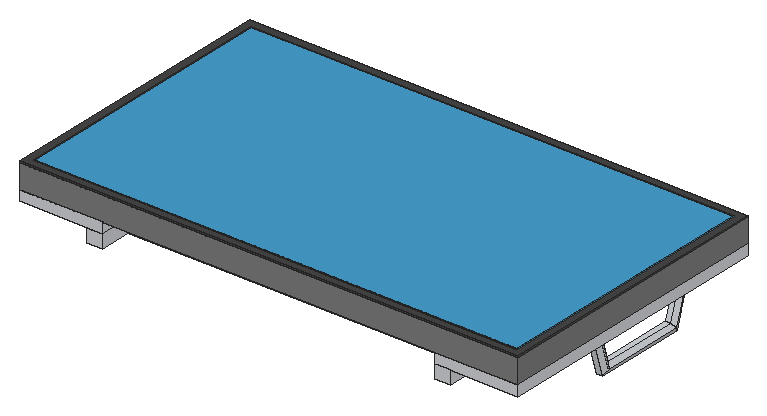
Revit family (continued)
Lines and regions (in)
  model lines
    curve 568: line (-15.845, -6.04189, 1.64806) -> (-15.845, -6.32339, 1.64806)
    curve 569: line (-15.845, -5.93658, 2.06145) -> (-15.845, -5.93658, 1.74649)
    curve 570: line (-15.845, -5.93658, 1.74649) -> (-15.845, -6.04189, 1.74649)
    curve 571: line (-15.845, -6.04189, 1.74649) -> (-15.845, -6.04189, 1.64806)
    curve 572: line (-15.845, -6.32339, 1.64806) -> (-15.845, -6.32339, 1.74649)
    curve 573: line (-15.845, -6.32339, 1.74649) -> (-15.845, -6.4287, 1.74649)
    curve 574: line (-15.845, -6.4287, 1.74649) -> (-15.845, -6.4287, 2.06145)
    curve 575: line (-15.845, -6.50272, 1.58507) -> (-15.845, -5.86256, 1.58507)
    curve 576: line (-15.845, -6.4287, 1.57326) -> (-15.845, -5.93658, 1.57326)
    curve 577: line (-15.845, -6.4287, 1.55357) -> (-15.845, -5.93658, 1.55357)
    curve 578: line (-15.845, -5.86256, 1.58507) -> (-15.845, -5.86256, 2.12444)
    curve 579: line (-15.845, -6.50272, 2.12444) -> (-15.845, -6.50272, 1.58507)
    curve 580: line (-15.845, -6.4287, 1.53389) -> (-15.845, -6.4287, 1.57326)
    curve 581: arc (-15.845, -6.49484, 1.57326) -> (-15.845, -6.50876, 1.57902) -> (-15.845, -6.51453, 1.59294) r 0.01969
    curve 582: arc (-15.845, -6.48776, 1.57326) -> (-15.845, -6.47384, 1.56749) -> (-15.845, -6.46807, 1.55357) r 0.01969
    curve 583: arc (-15.845, -6.44839, 1.53389) -> (-15.845, -6.46231, 1.53965) -> (-15.845, -6.46807, 1.55357) r 0.01969
    curve 584: line (-15.845, -6.51453, 1.59294) -> (-15.845, -6.51453, 1.77011)
    curve 585: line (-15.845, -5.85075, 1.77011) -> (-15.845, -5.85075, 1.59294)
    curve 586: line (-15.845, -5.93658, 1.57326) -> (-15.845, -5.93658, 1.53389)
    curve 587: arc (-15.845, -5.85075, 1.59294) -> (-15.845, -5.85652, 1.57902) -> (-15.845, -5.87044, 1.57326) r 0.01969
    curve 588: arc (-15.845, -5.89721, 1.55357) -> (-15.845, -5.89144, 1.56749) -> (-15.845, -5.87752, 1.57326) r 0.01969
    curve 589: arc (-15.845, -5.89721, 1.55357) -> (-15.845, -5.90297, 1.53965) -> (-15.845, -5.91689, 1.53389) r 0.01969
    curve 590: line (-15.845, -5.85075, 2.06538) -> (-15.845, -5.81138, 2.06538)
    curve 591: line (-15.845, -5.83107, 1.82916) -> (-15.845, -5.83107, 2.06538)
    curve 592: line (-15.845, -5.85075, 1.82916) -> (-15.845, -5.85075, 2.06538)
    curve 593: line (-15.845, -6.51453, 2.06538) -> (-15.845, -6.51453, 1.82916)
    curve 594: line (-15.845, -6.53421, 2.06538) -> (-15.845, -6.53421, 1.82916)
    curve 595: line (-15.845, -6.5539, 2.06538) -> (-15.845, -6.51453, 2.06538)
    curve 596: line (-15.845, -6.51453, 1.82916) -> (-15.845, -6.5539, 1.82916)
    curve 597: arc (-15.845, -6.51453, 2.12444) -> (-15.845, -6.52029, 2.11052) -> (-15.845, -6.53421, 2.10475) r 0.01969
    curve 598: arc (-15.845, -6.5539, 2.08507) -> (-15.845, -6.54813, 2.09899) -> (-15.845, -6.53421, 2.10475) r 0.01969
    curve 599: arc (-15.845, -6.53421, 1.78979) -> (-15.845, -6.52029, 1.78403) -> (-15.845, -6.51453, 1.77011) r 0.01969
    curve 600: arc (-15.845, -6.53421, 1.78979) -> (-15.845, -6.54813, 1.79556) -> (-15.845, -6.5539, 1.80948) r 0.01969
    curve 601: arc (-15.845, -5.85075, 1.77011) -> (-15.845, -5.84498, 1.78403) -> (-15.845, -5.83107, 1.78979) r 0.01969
    curve 602: arc (-15.845, -5.81138, 1.80948) -> (-15.845, -5.81715, 1.79556) -> (-15.845, -5.83107, 1.78979) r 0.01969
    curve 603: line (-15.845, -5.81138, 1.82916) -> (-15.845, -5.85075, 1.82916)
    curve 604: arc (-15.845, -5.83107, 2.10475) -> (-15.845, -5.81715, 2.09899) -> (-15.845, -5.81138, 2.08507) r 0.01969
    curve 605: arc (-15.845, -5.83107, 2.10475) -> (-15.845, -5.84498, 2.11052) -> (-15.845, -5.85075, 2.12444) r 0.01969
    curve 606: circle (-15.845, -5.63126, 1.8957) r 0.06299 normal (-1, 0, 0)
    curve 607: circle (-15.845, -4.64741, 1.8957) r 0.06299 normal (-1, 0, 0)
    curve 608: circle (-15.845, -4.64741, 1.1457) r 0.06299 normal (-1, 0, 0)
    curve 609: circle (-15.845, -5.63126, 1.1457) r 0.06299 normal (-1, 0, 0)
    curve 610: line (-15.845, -5.35904, 1.37011) -> (-15.845, -4.91963, 1.37011)
    curve 611: line (-15.845, -4.88233, 0.92129) -> (-15.845, -5.39634, 0.92129)
    curve 612: arc (-15.845, -4.766, 1.05981) -> (-15.845, -4.79189, 0.96344) -> (-15.845, -4.88233, 0.92129) r 0.11811
    curve 613: arc (-15.845, -4.91963, 1.37011) -> (-15.845, -4.84367, 1.34244) -> (-15.845, -4.8033, 1.27241) r 0.11811
    curve 614: line (-15.845, -4.8033, 1.27241) -> (-15.845, -4.766, 1.05981)
    curve 615: arc (-15.845, -5.47537, 1.27241) -> (-15.845, -5.435, 1.34244) -> (-15.845, -5.35904, 1.37011) r 0.11811
    curve 616: line (-15.845, -5.51267, 1.05981) -> (-15.845, -5.47537, 1.27241)
    curve 617: arc (-15.845, -5.39634, 0.92129) -> (-15.845, -5.48678, 0.96344) -> (-15.845, -5.51267, 1.05981) r 0.11811
    curve 618: line (-15.845, -4.93551, 1.31302) -> (-15.845, -5.34316, 1.31302)
    curve 619: arc (-15.845, -4.93551, 1.31302) -> (-15.845, -4.8849, 1.2946) -> (-15.845, -4.85797, 1.24795) r 0.07874
    curve 620: line (-15.845, -4.82673, 1.07079) -> (-15.845, -4.85797, 1.24795)
    curve 621: arc (-15.845, -4.82673, 1.07079) -> (-15.845, -4.84395, 1.0065) -> (-15.845, -4.90427, 0.97838) r 0.07874
    curve 622: line (-15.845, -5.3744, 0.97838) -> (-15.845, -4.90427, 0.97838)
    curve 623: arc (-15.845, -5.3744, 0.97838) -> (-15.845, -5.43472, 1.0065) -> (-15.845, -5.45194, 1.07079) r 0.07874
    curve 624: line (-15.845, -5.4207, 1.24795) -> (-15.845, -5.45194, 1.07079)
    curve 625: arc (-15.845, -5.4207, 1.24795) -> (-15.845, -5.39377, 1.2946) -> (-15.845, -5.34316, 1.31302) r 0.07874
    curve 626: circle (-15.845, -4.9917, 1.19924) r 0.01969 normal (-1, 0, 0)
    curve 627: circle (-15.845, -4.94248, 1.08704) r 0.01969 normal (-1, 0, 0)
    curve 628: circle (-15.845, -5.04091, 1.08704) r 0.01969 normal (-1, 0, 0)
    curve 629: circle (-15.845, -5.09012, 1.19924) r 0.01969 normal (-1, 0, 0)
    curve 630: circle (-15.845, -5.13933, 1.08704) r 0.01969 normal (-1, 0, 0)
    curve 631: circle (-15.845, -5.18855, 1.19924) r 0.01969 normal (-1, 0, 0)
    curve 632: circle (-15.845, -5.28697, 1.19924) r 0.01969 normal (-1, 0, 0)
    curve 633: circle (-15.845, -5.23776, 1.08704) r 0.01969 normal (-1, 0, 0)
    curve 634: circle (-15.845, -5.33618, 1.08704) r 0.01969 normal (-1, 0, 0)
    curve 635: line (-15.845, -5.35904, 2.11853) -> (-15.845, -4.91963, 2.11853)
    curve 636: line (-15.845, -4.88233, 1.66971) -> (-15.845, -5.39634, 1.66971)
    curve 637: arc (-15.845, -4.766, 1.80823) -> (-15.845, -4.79189, 1.71187) -> (-15.845, -4.88233, 1.66971) r 0.11811
    curve 638: arc (-15.845, -4.91963, 2.11853) -> (-15.845, -4.84367, 2.09087) -> (-15.845, -4.8033, 2.02083) r 0.11811
    curve 639: line (-15.845, -4.8033, 2.02083) -> (-15.845, -4.766, 1.80823)
    curve 640: arc (-15.845, -5.47537, 2.02083) -> (-15.845, -5.435, 2.09087) -> (-15.845, -5.35904, 2.11853) r 0.11811
    curve 641: line (-15.845, -5.51267, 1.80823) -> (-15.845, -5.47537, 2.02083)
    curve 642: arc (-15.845, -5.39634, 1.66971) -> (-15.845, -5.48678, 1.71187) -> (-15.845, -5.51267, 1.80823) r 0.11811
    curve 643: line (-15.845, -4.93551, 2.06145) -> (-15.845, -5.34316, 2.06145)
    curve 644: arc (-15.845, -4.93551, 2.06145) -> (-15.845, -4.8849, 2.04302) -> (-15.845, -4.85797, 1.99638) r 0.07874
    curve 645: line (-15.845, -4.82673, 1.81921) -> (-15.845, -4.85797, 1.99638)
    curve 646: arc (-15.845, -4.82673, 1.81921) -> (-15.845, -4.84395, 1.75493) -> (-15.845, -4.90427, 1.7268) r 0.07874
    curve 647: line (-15.845, -5.3744, 1.7268) -> (-15.845, -4.90427, 1.7268)
    curve 648: arc (-15.845, -5.3744, 1.7268) -> (-15.845, -5.43472, 1.75493) -> (-15.845, -5.45194, 1.81921) r 0.07874
    curve 649: line (-15.845, -5.4207, 1.99638) -> (-15.845, -5.45194, 1.81921)
    curve 650: arc (-15.845, -5.4207, 1.99638) -> (-15.845, -5.39377, 2.04302) -> (-15.845, -5.34316, 2.06145) r 0.07874
    curve 651: circle (-15.845, -4.9917, 1.94767) r 0.01969 normal (-1, 0, 0)
    curve 652: circle (-15.845, -4.94248, 1.83546) r 0.01969 normal (-1, 0, 0)
    curve 653: circle (-15.845, -5.04091, 1.83546) r 0.01969 normal (-1, 0, 0)
    curve 654: circle (-15.845, -5.09012, 1.94767) r 0.01969 normal (-1, 0, 0)
    curve 655: circle (-15.845, -5.13933, 1.83546) r 0.01969 normal (-1, 0, 0)
    curve 656: circle (-15.845, -5.18855, 1.94767) r 0.01969 normal (-1, 0, 0)
    curve 657: circle (-15.845, -5.28697, 1.94767) r 0.01969 normal (-1, 0, 0)
    curve 658: circle (-15.845, -5.23776, 1.83546) r 0.01969 normal (-1, 0, 0)
    curve 659: circle (-15.845, -5.33618, 1.83546) r 0.01969 normal (-1, 0, 0)
    curve 660: line (-15.845, -7.54091, 2.09097) -> (-15.845, -7.34406, 2.09097)
    curve 661: line (-15.845, -7.54091, 1.99255) -> (-15.845, -7.54091, 2.09097)
    curve 662: line (-15.845, -7.34406, 2.09097) -> (-15.845, -7.34406, 1.99255)
    curve 663: line (-15.845, -7.34406, 1.99255) -> (-15.845, -7.54091, 1.99255)
    curve 664: line (-15.845, -7.34406, 2.00239) -> (-15.845, -7.54091, 2.00239)
    curve 665: line (-15.845, -7.45232, 2.07129) -> (-15.845, -7.51138, 2.07129)
    curve 666: line (-15.845, -7.45232, 2.01223) -> (-15.845, -7.45232, 2.07129)
    curve 667: line (-15.845, -7.51138, 2.01223) -> (-15.845, -7.45232, 2.01223)
    curve 668: line (-15.845, -7.51138, 2.07129) -> (-15.845, -7.51138, 2.01223)
    curve 669: line (-15.845, -7.21807, 1.92198) -> (-15.845, -7.21807, 1.83704)
    curve 670: line (-15.845, -7.22988, 1.83704) -> (-15.845, -7.22988, 1.91494)
    curve 671: line (-15.845, -7.27713, 1.91494) -> (-15.845, -7.27713, 1.83704)
    curve 672: line (-15.845, -7.28894, 1.83704) -> (-15.845, -7.28894, 1.92198)
    curve 673: arc (-15.845, -7.21807, 1.92198) -> (-15.845, -7.2535, 1.95741) -> (-15.845, -7.28894, 1.92198) r 0.03543
    curve 674: arc (-15.845, -7.22988, 1.91494) -> (-15.845, -7.2535, 1.93856) -> (-15.845, -7.27713, 1.91494) r 0.02362
    curve 675: line (-15.845, -7.18658, 1.46302) -> (-15.845, -7.18658, 1.34491)
    curve 676: line (-15.845, -7.20134, 1.34491) -> (-15.845, -7.20134, 1.46302)
    curve 677: line (-15.845, -7.20134, 1.46302) -> (-15.845, -7.25547, 1.34491)
    curve 678: line (-15.845, -7.27024, 1.34491) -> (-15.845, -7.2161, 1.46302)
    curve 679: line (-15.845, -7.27024, 1.46302) -> (-15.845, -7.27024, 1.34491)
    curve 680: line (-15.845, -7.285, 1.34491) -> (-15.845, -7.285, 1.46302)
    curve 681: line (-15.845, -7.30961, 1.46302) -> (-15.845, -7.30961, 1.34491)
    curve 682: line (-15.845, -7.32437, 1.34491) -> (-15.845, -7.32437, 1.46302)
    curve 683: line (-15.845, -5.34316, 2.08271) -> (-15.845, -4.93551, 2.08271)
    curve 684: line (-15.845, -4.90427, 1.70869) -> (-15.845, -5.3744, 1.70869)
    curve 685: arc (-15.845, -5.3744, 1.70869) -> (-15.845, -5.4498, 1.74385) -> (-15.845, -5.47133, 1.82421) r 0.09843
    curve 686: line (-15.845, -5.47133, 1.82421) -> (-15.845, -5.44009, 2.00137)
    curve 687: line (-15.845, -5.47133, 1.82421) -> (-15.845, -5.44009, 2.00137)
    curve 688: arc (-15.845, -5.44009, 2.00137) -> (-15.845, -5.40642, 2.05968) -> (-15.845, -5.34316, 2.08271) r 0.09843
    curve 689: arc (-15.845, -4.93551, 2.08271) -> (-15.845, -4.87224, 2.05968) -> (-15.845, -4.83858, 2.00137) r 0.09843
    curve 690: line (-15.845, -4.83858, 2.00137) -> (-15.845, -4.80734, 1.82421)
    curve 691: arc (-15.845, -4.80734, 1.82421) -> (-15.845, -4.82887, 1.74385) -> (-15.845, -4.90427, 1.70869) r 0.09843
    curve 692: line (-15.845, -4.90427, 0.95869) -> (-15.845, -5.3744, 0.95869)
    curve 693: arc (-15.845, -4.80734, 1.07421) -> (-15.845, -4.82887, 0.99385) -> (-15.845, -4.90427, 0.95869) r 0.09843
    curve 694: line (-15.845, -4.83858, 1.25137) -> (-15.845, -4.80734, 1.07421)
    curve 695: arc (-15.845, -4.93551, 1.33271) -> (-15.845, -4.87224, 1.30968) -> (-15.845, -4.83858, 1.25137) r 0.09843
    curve 696: line (-15.845, -5.34316, 1.33271) -> (-15.845, -4.93551, 1.33271)
    curve 697: arc (-15.845, -5.44009, 1.25137) -> (-15.845, -5.40642, 1.30968) -> (-15.845, -5.34316, 1.33271) r 0.09843
    curve 698: line (-15.845, -5.47133, 1.07421) -> (-15.845, -5.44009, 1.25137)
    curve 699: arc (-15.845, -5.3744, 0.95869) -> (-15.845, -5.4498, 0.99385) -> (-15.845, -5.47133, 1.07421) r 0.09843
  sketch lines
    curve 44: line (-19.86723, 4.95157, 2.4) -> (-19.86723, 4.12518, 0)
    curve 45: line (-19.86723, 4.12518, 0) -> (-19.86723, -3.06468, 0)
    curve 46: line (-19.86723, -3.06468, 0) -> (-19.86723, -3.79843, 2.4)
    curve 56: line (19.86723, 4.95157, 2.4) -> (19.86723, 4.12518, 0)
    curve 57: line (19.86723, 4.12518, 0) -> (19.86723, -3.06468, 0)
    curve 58: line (19.86723, -3.06468, 0) -> (19.86723, -3.79843, 2.4)
Dimensions and locks (in)
  Extrusion 2 to Extrusion 2 = 31.690"
  "Overall Width": curve 15 to curve 14
  "Overall Height": curve 12 to curve 13
  aligned and locked: plane 2 to Extrusion 1
  aligned and locked: level to Extrusion 1
Automatic sketch dimensions
  Extrusion 1 sketch curve to Extrusion 1 sketch curve = 96.000"  (x2)
  curve 31 to plane 9 "handle" = 0.000"
  curve 30 to plane 9 "handle" = 0.000"
  curve 3 to plane 8 "left panel face" = 0.000"
  curve 3 to plane 7 "right Panel Face" = 0.000"
  plane 12 "bottom face" to curve 3 = 4.740"
  plane 1 "Center (Front/Back)" to curve 31 = 4.54843"
  curve 30 to curve 31 = 0.000"
  curve 30 to plane 1 "Center (Front/Back)" = 5.70157"
  curve 31 to curve 30 = 0.000"
  curve 30 to curve 1 = 2.58343"
  curve 1 to curve 21 = 16.000"
  Extrusion 2 sketch curve to plane 8 "left panel face" = 0.000"
  Extrusion 2 sketch curve to plane 7 "right Panel Face" = 0.000"
  plane 12 "bottom face" to Extrusion 2 sketch curve = 4.740"
  Extrusion 2 sketch curve to plane 1 "Center (Front/Back)" = 8.285"
  curve 61 to plane 12 "bottom face" = 0.000"
  curve 62 to plane 8 "left panel face" = 0.000"
  curve 64 to plane 12 "bottom face" = 0.000"
  curve 74 to plane 12 "bottom face" = 0.000"
  curve 63 to plane 12 "bottom face" = 0.000"
  curve 60 to plane 7 "right Panel Face" = 0.000"
  curve 59 to plane 12 "bottom face" = 0.000"
  curve 61 to plane 9 "handle" = 0.97223"
  curve 64 to plane 8 "left panel face" = 0.67072"
  curve 74 to curve 60 = 0.67072"
  curve 63 to curve 74 = 0.000"
  curve 59 to plane 11 = 0.97223"
  plane 12 "bottom face" to curve 64 = 4.740"
  curve 62 to curve 64 = 0.000"
  plane 12 "bottom face" to curve 63 = 4.740"
  curve 74 to curve 63 = 0.000"
  curve 63 to curve 60 = 0.000"
  curve 61 to plane 1 "Center (Front/Back)" = 10.955"
  curve 60 to plane 1 "Center (Front/Back)" = 10.955"
  curve 60 to curve 59 = 0.000"
  curve 61 to curve 62 = 0.000"
  curve 13 to plane 12 "bottom face" = 0.000"
  curve 29 to plane 9 "handle" = 0.000"
  curve 9 to plane 8 "left panel face" = 0.000"
  curve 11 to plane 7 "right Panel Face" = 0.000"
  plane 9 "handle" to curve 15 = 0.92777"
  plane 9 "handle" to curve 70 = 6.19734"
  curve 13 to curve 6 = 14.000"
  curve 16 to curve 13 = 0.000"
  curve 12 to curve 70 = 8.73044"
  curve 16 to plane 8 "left panel face" = 1.000"
  curve 69 to plane 3 "Center (Left/Right)" = 5.915"
  plane 3 "Center (Left/Right)" to curve 68 = 5.915"
  curve 5 to curve 11 = 5.050"
  curve 11 to curve 22 = 1.950"
  curve 70 to plane 1 "Center (Front/Back)" = 4.875"
  curve 22 to curve 70 = 12.14044"
  curve 15 to curve 6 = 10.000"
  curve 14 to curve 7 = 10.000"
  curve 68 to plane 12 "bottom face" = 14.23041"
  curve 69 to curve 68 = 0.000"  (x2)
  plane 12 "bottom face" to curve 16 = 4.740"
  plane 1 "Center (Front/Back)" to curve 29 = 4.54843"
  curve 29 to curve 5 = 5.25343"
  curve 10 to curve 5 = 2.670"
  curve 29 to curve 9 = 2.58343"
  curve 5 to curve 10 = 6.330"
  curve 5 to curve 9 = 6.330"
  curve 10 to curve 67 = 5.670"
  curve 9 to curve 65 = 9.670"
  curve 9 to curve 69 = 10.45959"
  Extrusion 3 sketch curve to plane 12 "bottom face" = 0.000"
  plane 9 "handle" to Extrusion 3 sketch curve = 0.92777"
  plane 11 to Extrusion 3 sketch curve = 0.92777"
  Extrusion 3 sketch curve to plane 1 "Center (Front/Back)" = 10.955"
  Extrusion 4 sketch curve to plane 12 "bottom face" = 0.000"
  plane 9 "handle" to Extrusion 4 sketch curve = 0.92777"
  Extrusion 4 sketch curve to plane 1 "Center (Front/Back)" = 10.955"
  plane 11 to Extrusion 4 sketch curve = 0.92777"
  curve 71 to plane 3 "Center (Left/Right)" = 0.000"
  curve 27 to plane 7 "right Panel Face" = 0.000"
  curve 23 to plane 7 "right Panel Face" = 0.000"
  curve 71 to plane 12 "bottom face" = 23.260"
  curve 72 to plane 7 "right Panel Face" = 1.340"
  curve 71 to curve 72 = 0.000"
  curve 73 to plane 8 "left panel face" = 1.340"
  curve 73 to curve 71 = 0.000"
  plane 12 "bottom face" to curve 72 = 4.740"
  plane 12 "bottom face" to curve 71 = 4.740"
  plane 12 "bottom face" to curve 73 = 4.740"
  curve 27 to plane 1 "Center (Front/Back)" = 3.750"
  curve 26 to plane 11 = 1.82223"
  curve 27 to curve 26 = 2.44186"
  plane 11 to curve 26 = 0.92777"
  curve 26 to curve 26 = 4.76314"
  curve 24 to curve 23 = 0.000"
  plane 9 "handle" to curve 66 = 1.19081"
  curve 66 to plane 1 "Center (Front/Back)" = 11.74459"
  curve 24 to curve 25 = 8.250"
  curve 66 to curve 66 = 16.000"
  curve 23 to curve 24 = 6.050"
  curve 24 to curve 23 = 9.950"
  plane 3 "Center (Left/Right)" to curve 27 = 7.595"
  plane 11 to curve 20 = 0.27777"
  curve 20 to plane 1 "Center (Front/Back)" = 19.3493"
  plane 9 "handle" to curve 17 = 0.27777"
  curve 17 to plane 1 "Center (Front/Back)" = 17.285"
  curve 17 to curve 19 = 6.980"
  plane 12 "bottom face" to curve 18 = 0.650"
  curve 17 to plane 12 "bottom face" = 3.690"
  curve 20 to plane 12 "bottom face" = 5.6257"
  plane 9 "handle" to curve 19 = 6.19734"
  plane 9 "handle" to curve 18 = 6.19734"
  plane 11 to curve 18 = 5.97777"
  plane 11 to curve 19 = 7.06821"
  Extrusion 5 sketch curve to plane 12 "bottom face" = 0.000"
  plane 9 "handle" to Extrusion 5 sketch curve = 0.27777"
  plane 12 "bottom face" to Extrusion 5 sketch curve = 0.650"
  plane 11 to Extrusion 5 sketch curve = 0.27777"
  Extrusion 5 sketch curve to plane 1 "Center (Front/Back)" = 10.305"
  Extrusion 5 sketch curve to Extrusion 5 sketch curve = 0.650"  (x3)
  curve 28 to plane 12 "bottom face" = 0.000"
  curve 28 to plane 11 = 0.97223"
  curve 28 to plane 1 "Center (Front/Back)" = 10.955"
  Extrusion 6 sketch curve to plane 4 "front of panel" = 0.000"
  Extrusion 6 sketch curve to level = 0.000"
  Extrusion 6 sketch curve to plane 1 "Center (Front/Back)" = 8.285"
  Extrusion 6 sketch curve to Extrusion 6 sketch curve = 2.600"
  Extrusion 7 sketch curve to plane 4 "front of panel" = 0.000"
  Extrusion 7 sketch curve to level = 0.000"
  Extrusion 7 sketch curve to plane 1 "Center (Front/Back)" = 8.285"
  Extrusion 7 sketch curve to Extrusion 7 sketch curve = 2.600"
  plane 9 "handle" to Extrusion 8 sketch curve = 0.500"
  Extrusion 8 sketch curve to plane 9 "handle" = 0.500"
  Extrusion 8 sketch curve to plane 1 "Center (Front/Back)" = 4.20157"
  Extrusion 8 sketch curve to Extrusion 8 sketch curve = 1.500"
  plane 9 "handle" to Extrusion 9 sketch curve = 0.500"
  Extrusion 9 sketch curve to plane 9 "handle" = 0.500"
  plane 1 "Center (Front/Back)" to Extrusion 9 sketch curve = 4.54843"
  Extrusion 9 sketch curve to Extrusion 9 sketch curve = 1.500"
  curve 34 to plane 10 "handle bottom" = 0.000"
  curve 33 to level = 0.000"
  curve 32 to plane 10 "handle bottom" = 0.000"
  plane 1 "Center (Front/Back)" to curve 34 = 3.79843"
  curve 34 to curve 33 = 0.73375"
  curve 33 to plane 1 "Center (Front/Back)" = 4.12518"
  curve 32 to curve 32 = 0.82639"
  plane 9 "handle" to curve 35 = 0.2388"
  curve 35 to plane 1 "Center (Front/Back)" = 4.58639"
  curve 48 to plane 11 = 0.2388"
  curve 48 to plane 1 "Center (Front/Back)" = 4.58639"
  plane 11 to curve 52 = 0.47759"
  curve 47 to curve 52 = 0.41361"
  plane 9 "handle" to curve 39 = 0.47759"
  curve 35 to curve 39 = 0.41361"
  curve 49 to plane 11 = 0.47759"
  curve 47 to curve 49 = 0.41361"
  curve 37 to plane 9 "handle" = 0.47759"
  curve 35 to curve 37 = 0.41361"
  curve 49 to plane 11 = 0.2388"
  curve 48 to curve 49 = 0.41361"
  curve 36 to curve 38 = 0.41361"
  plane 11 to curve 47 = 0.2388"
  plane 11 to curve 51 = 0.2388"
  curve 38 to plane 9 "handle" = 0.2388"
  curve 35 to plane 9 "handle" = 0.2388"
  plane 9 "handle" to curve 38 = 0.2388"
  curve 43 to plane 10 "handle bottom" = 0.000"
  curve 42 to level = 0.000"
  curve 41 to plane 10 "handle bottom" = 0.000"
  plane 1 "Center (Front/Back)" to curve 43 = 3.79843"
  curve 43 to curve 42 = 0.73375"
  curve 42 to plane 1 "Center (Front/Back)" = 4.12518"
  curve 41 to curve 41 = 0.82639"
  profile plane to Sweep 10 sketch curve = 0.43686"
  profile plane to Sweep 10 sketch curve = 0.04579"  (x2)
  Sweep 10 sketch curve to profile plane = 0.34528"
  Sweep 10 sketch curve to profile plane = 0.47759"
  Sweep 10 sketch curve to profile plane = 0.2388"  (x2)
  profile plane to Sweep 10 sketch curve = 0.2388"  (x2)
  Sweep 10 sketch curve to Sweep 10 sketch curve = 0.2388"
  Extrusion 11 sketch curve to plane 11 = 0.500"
  plane 11 to Extrusion 11 sketch curve = 0.500"
  plane 1 "Center (Front/Back)" to Extrusion 11 sketch curve = 4.20157"
  Extrusion 11 sketch curve to Extrusion 11 sketch curve = 1.500"
  Extrusion 12 sketch curve to plane 11 = 0.500"
  plane 11 to Extrusion 12 sketch curve = 0.500"
  Extrusion 12 sketch curve to plane 1 "Center (Front/Back)" = 4.54843"
  Extrusion 12 sketch curve to Extrusion 12 sketch curve = 1.500"
  curve 55 to plane 10 "handle bottom" = 0.000"
  curve 54 to level = 0.000"
  curve 53 to plane 10 "handle bottom" = 0.000"
  curve 55 to plane 1 "Center (Front/Back)" = 3.79843"
  curve 55 to curve 54 = 0.73375"
  plane 1 "Center (Front/Back)" to curve 54 = 4.12518"
  curve 53 to curve 53 = 0.82639"
  profile plane to Sweep 13 sketch curve = 0.43686"
  profile plane to Sweep 13 sketch curve = 0.04579"  (x2)
  Sweep 13 sketch curve to profile plane = 0.34528"
  Sweep 13 sketch curve to profile plane = 0.47759"
  Sweep 13 sketch curve to profile plane = 0.2388"  (x2)
  profile plane to Sweep 13 sketch curve = 0.2388"  (x2)
  Sweep 13 sketch curve to Sweep 13 sketch curve = 0.2388"
  Extrusion 14 sketch curve to plane 12 "bottom face" = 0.000"
  Extrusion 14 sketch curve to plane 8 "left panel face" = 1.97792"
  Extrusion 14 sketch curve to plane 7 "right Panel Face" = 1.97792"
  plane 12 "bottom face" to Extrusion 14 sketch curve = 4.740"
  Extrusion 15 sketch curve to plane 12 "bottom face" = 0.000"
  Extrusion 15 sketch curve to plane 7 "right Panel Face" = 1.97792"
  Extrusion 15 sketch curve to plane 7 "right Panel Face" = 0.67072"
  Extrusion 15 sketch curve to Extrusion 15 sketch curve = 4.740"
  Extrusion 16 sketch curve to plane 12 "bottom face" = 0.000"
  Extrusion 16 sketch curve to plane 8 "left panel face" = 1.97792"
  Extrusion 16 sketch curve to plane 8 "left panel face" = 0.67072"
  Extrusion 16 sketch curve to Extrusion 16 sketch curve = 4.740"
  curve 84 to curve 92 = 0.000"  (x2)
  curve 86 to curve 97 = 0.000"  (x2)
  curve 88 to curve 95 = 0.000"  (x2)
  curve 90 to curve 93 = 0.000"  (x2)
  curve 129 to curve 250 = 0.000"  (x2)
  curve 129 to curve 251 = 0.000"  (x2)
  curve 132 to curve 238 = 0.000"  (x2)
  curve 132 to curve 239 = 0.000"  (x2)
  curve 134 to curve 242 = 0.000"  (x2)
  curve 134 to curve 243 = 0.000"  (x2)
  curve 136 to curve 247 = 0.000"  (x2)
  curve 136 to curve 248 = 0.000"  (x2)
  curve 272 to curve 273 = 0.000"  (x2)
  curve 272 to curve 274 = 0.000"  (x2)
  curve 272 to curve 275 = 0.000"  (x2)
  curve 272 to curve 284 = 0.000"  (x2)
  curve 272 to curve 285 = 0.000"  (x2)
  curve 272 to curve 286 = 0.000"  (x2)
  curve 272 to curve 287 = 0.000"  (x2)
  curve 276 to curve 277 = 0.000"  (x2)
  curve 276 to curve 278 = 0.000"  (x2)
  curve 276 to curve 279 = 0.000"  (x2)
  curve 280 to curve 281 = 0.000"  (x2)
  curve 280 to curve 282 = 0.000"  (x2)
  curve 280 to curve 283 = 0.000"  (x2)
  curve 288 to curve 289 = 0.000"  (x2)
  curve 288 to curve 290 = 0.000"  (x2)
  curve 288 to curve 291 = 0.000"  (x2)
  curve 292 to curve 293 = 0.000"  (x2)
  curve 292 to curve 294 = 0.000"  (x2)
  curve 292 to curve 295 = 0.000"  (x2)
  curve 296 to curve 297 = 0.000"  (x2)
  curve 296 to curve 298 = 0.000"  (x2)
  curve 296 to curve 299 = 0.000"  (x2)
  curve 300 to curve 301 = 0.000"  (x2)
  curve 300 to curve 302 = 0.000"  (x2)
  curve 300 to curve 303 = 0.000"  (x2)
  curve 300 to curve 312 = 0.000"  (x2)
  curve 300 to curve 313 = 0.000"  (x2)
  curve 300 to curve 314 = 0.000"  (x2)
  curve 300 to curve 315 = 0.000"  (x2)
  curve 304 to curve 305 = 0.000"  (x2)
  curve 304 to curve 306 = 0.000"  (x2)
  curve 304 to curve 307 = 0.000"  (x2)
  curve 308 to curve 309 = 0.000"  (x2)
  curve 308 to curve 310 = 0.000"  (x2)
  curve 308 to curve 311 = 0.000"  (x2)
  curve 316 to curve 317 = 0.000"  (x2)
  curve 316 to curve 318 = 0.000"  (x2)
  curve 316 to curve 319 = 0.000"  (x2)
  curve 320 to curve 321 = 0.000"  (x2)
  curve 320 to curve 322 = 0.000"  (x2)
  curve 320 to curve 323 = 0.000"  (x2)
  curve 324 to curve 325 = 0.000"  (x2)
  curve 324 to curve 326 = 0.000"  (x2)
  curve 324 to curve 327 = 0.000"  (x2)
  curve 329 to curve 337 = 0.000"
  curve 331 to curve 338 = 0.000"  (x2)
  curve 333 to curve 343 = 0.000"  (x2)
  curve 335 to curve 341 = 0.000"  (x2)
  curve 344 to curve 345 = 0.000"  (x2)
  curve 344 to curve 346 = 0.000"  (x2)
  curve 344 to curve 347 = 0.000"  (x2)
  curve 344 to curve 348 = 0.000"  (x2)
  curve 349 to curve 350 = 0.000"  (x2)
  curve 349 to curve 351 = 0.000"  (x2)
  curve 349 to curve 352 = 0.000"  (x2)
  curve 349 to curve 353 = 0.000"  (x2)
  curve 354 to curve 355 = 0.000"  (x2)
  curve 354 to curve 356 = 0.000"  (x2)
  curve 354 to curve 357 = 0.000"  (x2)
  curve 354 to curve 358 = 0.000"  (x2)
  curve 359 to curve 360 = 0.000"  (x2)
  curve 359 to curve 361 = 0.000"  (x2)
  curve 359 to curve 362 = 0.000"  (x2)
  curve 359 to curve 363 = 0.000"  (x2)
  curve 364 to curve 365 = 0.000"  (x2)
  curve 364 to curve 366 = 0.000"  (x2)
  curve 364 to curve 367 = 0.000"  (x2)
  curve 364 to curve 368 = 0.000"  (x2)
  curve 364 to curve 427 = 0.000"
  curve 368 to curve 427 = 0.000"
  curve 369 to curve 370 = 0.000"  (x2)
  curve 369 to curve 371 = 0.000"  (x2)
  curve 369 to curve 372 = 0.000"  (x2)
  curve 369 to curve 373 = 0.000"  (x2)
  curve 370 to curve 431 = 0.000"
  curve 373 to curve 431 = 0.000"
  curve 374 to curve 375 = 0.000"  (x2)
  curve 374 to curve 376 = 0.000"  (x2)
  curve 374 to curve 377 = 0.000"  (x2)
  curve 374 to curve 378 = 0.000"  (x2)
  curve 375 to curve 428 = 0.000"  (x2)
  curve 379 to curve 380 = 0.000"  (x2)
  curve 379 to curve 381 = 0.000"  (x2)
  curve 379 to curve 382 = 0.000"  (x2)
  curve 379 to curve 383 = 0.000"  (x2)
  curve 379 to curve 429 = 0.000"  (x2)
  curve 384 to curve 385 = 0.000"  (x2)
  curve 384 to curve 386 = 0.000"  (x2)
  curve 384 to curve 387 = 0.000"  (x2)
  curve 384 to curve 388 = 0.000"  (x2)
  curve 387 to curve 426 = 0.000"
  curve 388 to curve 426 = 0.000"
  curve 389 to curve 390 = 0.000"  (x2)
  curve 389 to curve 391 = 0.000"  (x2)
  curve 389 to curve 392 = 0.000"  (x2)
  curve 389 to curve 393 = 0.000"  (x2)
  curve 389 to curve 430 = 0.000"
  curve 393 to curve 430 = 0.000"
  curve 394 to curve 395 = 0.000"  (x2)
  curve 394 to curve 396 = 0.000"  (x2)
  curve 394 to curve 397 = 0.000"  (x2)
  curve 398 to curve 399 = 0.000"  (x2)
  curve 398 to curve 400 = 0.000"  (x2)
  curve 398 to curve 401 = 0.000"  (x2)
  curve 398 to curve 402 = 0.000"  (x2)
  curve 398 to curve 403 = 0.000"  (x2)
  curve 403 to curve 406 = 0.000"  (x2)
  curve 404 to curve 406 = 0.000"  (x2)
  curve 405 to curve 406 = 0.000"  (x2)
  curve 416 to curve 424 = 0.000"
  curve 419 to curve 425 = 0.000"  (x2)
  curve 420 to curve 422 = 0.000"  (x2)
  curve 421 to curve 423 = 0.000"  (x2)
  curve 469 to curve 471 = 0.000"  (x2)
  curve 470 to curve 471 = 0.000"  (x2)
  curve 472 to curve 474 = 0.000"  (x2)
  curve 473 to curve 474 = 0.000"  (x2)
  curve 475 to curve 477 = 0.000"  (x2)
  curve 476 to curve 477 = 0.000"  (x2)
  curve 478 to curve 480 = 0.000"  (x2)
  curve 479 to curve 480 = 0.000"  (x2)
  curve 481 to curve 482 = 0.000"
  curve 481 to curve 483 = 0.000"
  curve 482 to curve 483 = 0.000"  (x2)
  curve 484 to curve 486 = 0.000"  (x2)
  curve 485 to curve 486 = 0.000"  (x2)
  curve 487 to curve 489 = 0.000"  (x2)
  curve 488 to curve 489 = 0.000"  (x2)
  curve 490 to curve 492 = 0.000"  (x2)
  curve 491 to curve 492 = 0.000"  (x2)
  plane 4 "front of panel" to curve 470 = 0.25826"
  curve 470 to plane 7 "right Panel Face" = 7.27664"
  curve 469 to curve 473 = 0.3937"
  curve 472 to curve 480 = 0.3937"
  curve 478 to curve 476 = 0.3937"
  curve 475 to curve 481 = 0.3937"
  curve 481 to curve 485 = 0.3937"
  curve 484 to curve 488 = 0.3937"
  curve 487 to curve 491 = 0.3937"
  curve 465 to plane 10 "handle bottom" = 0.40394"
  curve 490 to curve 465 = 1.8622"
  curve 468 to curve 455 = 0.05906"
  curve 462 to curve 452 = 0.000"
  curve 454 to curve 467 = 0.000"
  curve 454 to curve 458 = 0.0315"
  curve 458 to curve 456 = 0.01486"
  curve 458 to curve 459 = 0.1063"
  curve 459 to curve 460 = 0.000"  (x2)
  curve 459 to curve 459 = 0.19685"
  curve 456 to curve 456 = 0.37974"
  curve 456 to curve 457 = 0.01486"
  curve 457 to curve 454 = 0.0315"
  curve 463 to curve 452 = 0.000"
  curve 453 to curve 466 = 0.000"
  curve 463 to curve 463 = 0.05906"
  level to curve 439 = 0.8248"
  curve 464 to curve 439 = 0.25394"
  curve 435 to curve 432 = 0.03937"
  curve 435 to curve 433 = 0.03937"
  curve 450 to plane 10 "handle bottom" = 0.67953"
  curve 432 to curve 450 = 0.0689"
  level to curve 439 = 0.5495"
  curve 433 to curve 439 = 0.23593"
  curve 441 to plane 10 "handle bottom" = 0.09911"
  curve 432 to curve 441 = 0.23601"
  curve 439 to curve 437 = 0.00021"
  curve 448 to curve 447 = 0.19685"
  curve 450 to plane 10 "handle bottom" = 0.48268"
  curve 449 to curve 450 = 0.19685"
  curve 441 to curve 442 = 0.16712"
  curve 437 to curve 437 = 0.16705"
  curve 437 to curve 451 = 0.00036"
  curve 442 to curve 444 = 0.00041"
  curve 442 to curve 443 = 0.00083"
  curve 437 to curve 438 = 0.0008"
  curve 443 to plane 10 "handle bottom" = 0.09911"
  curve 442 to curve 443 = 0.16794"
  curve 437 to curve 438 = 0.1679"
  curve 443 to curve 446 = 0.33423"
  curve 445 to curve 432 = 0.0689"
  curve 446 to curve 433 = 0.0689"
  curve 433 to curve 434 = 0.03937"
  curve 256 to plane 10 "handle bottom" = 0.27107"
  curve 256 to plane 3 "Center (Left/Right)" = 0.86667"
  curve 258 to plane 10 "handle bottom" = 0.32323"
  curve 256 to curve 258 = 0.09035"
  curve 254 to plane 10 "handle bottom" = 0.11457"
  curve 255 to curve 254 = 0.09035"
  curve 257 to curve 115 = 0.05768"
  curve 254 to plane 10 "handle bottom" = 0.16673"
  curve 254 to curve 254 = 0.09035"
  curve 254 to curve 126 = 0.0187"
  curve 115 to curve 119 = 0.09035"
  curve 115 to curve 117 = 0.09035"
  curve 127 to curve 135 = 0.05846"
  curve 137 to plane 10 "handle bottom" = 0.1336"
  curve 135 to curve 137 = 0.00623"
  curve 135 to curve 244 = 0.01969"
  curve 244 to curve 242 = 0.000"  (x2)
  curve 137 to curve 136 = 0.01681"
  curve 249 to plane 10 "handle bottom" = 0.1424"
  curve 244 to curve 249 = 0.00416"
  curve 244 to curve 245 = 0.00787"
  curve 245 to curve 243 = 0.000"
  curve 246 to plane 10 "handle bottom" = 0.14592"
  curve 249 to curve 246 = 0.00704"
  curve 243 to curve 125 = 0.0124"
  curve 120 to plane 10 "handle bottom" = 0.03977"
  curve 137 to curve 120 = 0.01691"
  curve 249 to plane 10 "handle bottom" = 0.10877"
  curve 136 to curve 249 = 0.01761"
  curve 249 to curve 248 = 0.000"
  curve 246 to plane 10 "handle bottom" = 0.11229"
  curve 248 to curve 246 = 0.00704"
  curve 246 to curve 247 = 0.000"
  curve 243 to curve 242 = 0.0315"
  curve 242 to curve 237 = 0.000"
  curve 242 to curve 243 = 0.000"
  curve 243 to curve 236 = 0.000"
  curve 116 to curve 114 = 0.09035"
  curve 120 to curve 136 = 0.03591"
  curve 234 to curve 248 = 0.000"  (x2)
  curve 248 to curve 247 = 0.000"
  curve 235 to curve 247 = 0.000"  (x2)
  curve 134 to curve 233 = 0.01683"
  curve 201 to curve 230 = 0.000"
  curve 169 to curve 198 = 0.000"
  curve 114 to curve 80 = 0.04658"
  curve 168 to curve 167 = 0.05906"
  curve 200 to curve 200 = 0.05906"
  curve 232 to curve 231 = 0.05906"
  curve 199 to curve 196 = 0.01594"
  curve 166 to curve 162 = 0.01594"
  curve 230 to curve 226 = 0.01594"
  curve 114 to curve 81 = 0.08989"
  curve 80 to curve 89 = 0.04983"
  curve 89 to curve 94 = 0.01939"
  curve 94 to curve 95 = 0.000"  (x2)
  curve 82 to curve 90 = 0.0336"
  curve 194 to curve 195 = 0.05906"
  curve 162 to curve 162 = 0.05906"
  curve 195 to curve 226 = 0.000"
  curve 95 to curve 79 = 0.02691"
  curve 89 to curve 93 = 0.01939"
  curve 227 to curve 224 = 0.01594"
  curve 195 to curve 192 = 0.01594"
  curve 160 to curve 190 = 0.000"
  curve 80 to curve 88 = 0.03125"
  curve 95 to curve 96 = 0.000"  (x2)
  curve 94 to curve 82 = 0.04314"
  curve 75 to curve 83 = 0.01502"
  curve 88 to curve 109 = 0.03746"
  curve 93 to curve 99 = 0.01039"
  curve 190 to curve 190 = 0.05906"
  curve 191 to curve 223 = 0.000"
  curve 158 to curve 158 = 0.05906"
  curve 158 to curve 154 = 0.01594"
  curve 191 to curve 189 = 0.01594"
  curve 223 to curve 221 = 0.01594"
  curve 99 to curve 108 = 0.04508"
  curve 218 to curve 218 = 0.05906"
  curve 186 to curve 187 = 0.05906"
  curve 154 to curve 154 = 0.05906"
  curve 108 to curve 100 = 0.04508"
  curve 108 to curve 110 = 0.04508"
  curve 155 to curve 152 = 0.01594"
  curve 219 to curve 217 = 0.01594"
  curve 152 to curve 182 = 0.000"
  curve 100 to curve 107 = 0.04508"
  curve 182 to curve 183 = 0.05906"
  curve 216 to curve 215 = 0.05906"
  curve 151 to curve 182 = 0.000"
  curve 182 to curve 178 = 0.01594"
  curve 151 to curve 149 = 0.01594"
  curve 214 to curve 213 = 0.01594"
  curve 107 to curve 111 = 0.04508"
  curve 107 to curve 101 = 0.04508"
  curve 101 to curve 106 = 0.04508"
  curve 178 to curve 178 = 0.05906"
  curve 212 to curve 212 = 0.05906"
  curve 146 to curve 146 = 0.05906"
  curve 146 to curve 142 = 0.01594"
  curve 179 to curve 177 = 0.01594"
  curve 211 to curve 209 = 0.01594"
  curve 106 to curve 102 = 0.04508"
  curve 106 to curve 112 = 0.04508"
  curve 174 to curve 174 = 0.05906"
  curve 208 to curve 207 = 0.05906"
  curve 144 to curve 174 = 0.000"
  curve 102 to curve 105 = 0.04508"
  curve 175 to curve 173 = 0.01594"
  curve 143 to curve 141 = 0.01594"
  curve 206 to curve 205 = 0.01594"
  curve 105 to curve 103 = 0.04508"
  curve 105 to curve 113 = 0.04508"
  curve 172 to curve 171 = 0.05906"
  curve 139 to curve 170 = 0.000"
  curve 204 to curve 203 = 0.05906"
  curve 103 to curve 84 = 0.03007"
  curve 92 to curve 104 = 0.01501"
  curve 84 to curve 76 = 0.0162"
  curve 113 to curve 86 = 0.05715"
  curve 97 to curve 96 = 0.000"
  curve 76 to curve 92 = 0.04196"
  curve 87 to curve 79 = 0.03243"
  curve 92 to curve 84 = 0.01939"
  curve 78 to curve 97 = 0.02573"
  curve 97 to curve 98 = 0.000"
  curve 98 to curve 86 = 0.01939"
  curve 85 to curve 76 = 0.03478"
  curve 77 to plane 10 "handle bottom" = 1.09933"
  curve 86 to curve 77 = 0.05101"
  curve 235 to plane 10 "handle bottom" = 0.09488"
  curve 138 to curve 235 = 0.20907"
  curve 235 to curve 251 = 0.000"  (x2)
  curve 235 to curve 129 = 0.000"
  curve 234 to curve 250 = 0.000"  (x2)
  curve 269 to plane 10 "handle bottom" = 0.96988"
  curve 77 to curve 269 = 0.08871"
  curve 129 to curve 239 = 0.01681"
  curve 239 to curve 236 = 0.000"  (x2)
  curve 236 to curve 238 = 0.000"
  curve 238 to curve 237 = 0.000"  (x2)
  curve 129 to curve 251 = 0.02817"
  curve 252 to plane 10 "handle bottom" = 0.11229"
  curve 251 to curve 252 = 0.000"
  curve 252 to curve 250 = 0.00704"
  curve 253 to plane 10 "handle bottom" = 0.10877"
  curve 250 to curve 253 = 0.000"
  curve 133 to curve 123 = 0.02028"
  curve 129 to curve 121 = 0.03709"
  curve 252 to plane 10 "handle bottom" = 0.14592"
  curve 121 to curve 252 = 0.0079"
  curve 123 to curve 239 = 0.01122"
  curve 239 to curve 240 = 0.000"  (x2)
  curve 253 to plane 10 "handle bottom" = 0.1424"
  curve 252 to curve 253 = 0.00704"
  curve 130 to plane 10 "handle bottom" = 0.09997"
  curve 253 to curve 130 = 0.01761"  (x2)
  curve 240 to curve 238 = 0.00787"
  curve 238 to curve 241 = 0.000"
  curve 130 to plane 10 "handle bottom" = 0.1336"
  curve 241 to curve 131 = 0.01969"
  curve 267 to curve 270 = 0.09035"
  curve 269 to plane 10 "handle bottom" = 0.91772"
  curve 267 to curve 269 = 0.09035"
  curve 131 to curve 121 = 0.05965"
  curve 121 to curve 262 = 0.01854"
  curve 268 to plane 10 "handle bottom" = 0.96988"
  curve 268 to curve 268 = 0.09035"
  curve 260 to plane 10 "handle bottom" = 0.11457"
  curve 261 to curve 260 = 0.09035"
  curve 264 to plane 10 "handle bottom" = 0.32323"
  curve 262 to curve 264 = 0.09035"
  curve 263 to curve 265 = 0.09035"
  curve 266 to curve 334 = 0.80705"
  curve 335 to curve 341 = 0.04866"
  curve 342 to curve 299 = 0.33465"
  curve 341 to curve 326 = 0.33465"
  plane 10 "handle bottom" to curve 343 = 0.05669"
  curve 296 to curve 343 = 0.01969"
  curve 324 to curve 340 = 0.01969"
  curve 294 to plane 10 "handle bottom" = 0.27795"
  curve 343 to curve 294 = 0.68898"
  curve 292 to curve 323 = 0.000"
  curve 320 to curve 319 = 0.70866"
  curve 291 to plane 10 "handle bottom" = 0.27795"
  curve 291 to curve 316 = 0.000"
  curve 316 to curve 310 = 0.70866"
  curve 280 to plane 10 "handle bottom" = 0.27795"
  curve 280 to curve 308 = 0.000"
  curve 277 to plane 10 "handle bottom" = 0.27795"
  curve 280 to curve 277 = 0.70866"
  curve 276 to curve 305 = 0.000"
  curve 304 to curve 331 = 0.68898"
  curve 276 to curve 329 = 0.68898"
  curve 331 to curve 312 = 0.01969"
  curve 329 to curve 273 = 0.01969"
  curve 300 to curve 338 = 0.33465"
  curve 329 to curve 353 = 0.48185"
  curve 330 to curve 347 = 0.48185"
  curve 344 to curve 359 = 0.55118"
  curve 349 to curve 358 = 0.55118"
  curve 418 to plane 10 "handle bottom" = 0.26614"
  curve 354 to curve 418 = 0.54834"
  curve 406 to curve 419 = 0.02092"
  curve 419 to curve 418 = 0.01227"
  curve 425 to curve 404 = 0.00902"
  curve 417 to curve 425 = 0.00647"
  curve 425 to curve 422 = 0.02871"
  curve 420 to curve 403 = 0.00829"
  curve 403 to curve 402 = 0.00352"
  curve 425 to curve 412 = 0.04275"
  curve 402 to curve 406 = 0.03346"
  curve 420 to curve 405 = 0.07874"
  curve 403 to curve 395 = 0.07045"
  curve 407 to curve 407 = 0.06693"
  curve 411 to curve 411 = 0.09843"
  curve 409 to curve 402 = 0.03346"
  curve 402 to curve 403 = 0.00352"
  curve 398 to curve 421 = 0.07874"
  curve 412 to curve 410 = 0.04921"
  curve 415 to plane 10 "handle bottom" = 0.2711"
  curve 416 to curve 415 = 0.00421"
  curve 415 to curve 416 = 0.01708"
  curve 416 to curve 405 = 0.02092"
  curve 427 to plane 10 "handle bottom" = 0.27795"
  curve 415 to curve 427 = 0.6074"
  curve 364 to curve 373 = 0.000"
  curve 364 to curve 387 = 0.55118"
  curve 369 to curve 392 = 0.55118"
  curve 426 to curve 374 = 0.55118"
  curve 389 to curve 382 = 0.55118"
  plane 4 "front of panel" to curve 472 = 0.25826"
  plane 4 "front of panel" to curve 475 = 0.25826"
  plane 4 "front of panel" to curve 478 = 0.25826"
  plane 4 "front of panel" to curve 481 = 0.25826"
  plane 4 "front of panel" to curve 484 = 0.25826"
  plane 4 "front of panel" to curve 487 = 0.25826"
  plane 4 "front of panel" to curve 490 = 0.25826"
  curve 443 to plane 10 "handle bottom" = 0.02987"
  curve 129 to curve 235 = 0.02756"
  curve 234 to curve 235 = 0.00787"
  curve 136 to curve 249 = 0.0088"
  curve 142 to plane 10 "handle bottom" = 0.11398"
  curve 141 to curve 142 = 0.000"
  curve 161 to plane 10 "handle bottom" = 0.11398"
  curve 154 to curve 158 = 0.000"
  curve 146 to curve 142 = 0.000"
  curve 162 to curve 158 = 0.000"
  curve 150 to curve 146 = 0.000"
  curve 166 to curve 162 = 0.000"
  curve 252 to curve 240 = 0.01408"
  curve 246 to curve 245 = 0.01408"
  curve 245 to curve 244 = 0.000"
  curve 130 to curve 131 = 0.02641"
  curve 240 to curve 241 = 0.000"
  curve 135 to curve 244 = 0.000"
  curve 254 to curve 256 = 0.05217"
  curve 121 to curve 261 = 0.02854"
  curve 260 to curve 260 = 0.05217"
  curve 158 to curve 160 = 0.05906"
  curve 138 to curve 140 = 0.05906"
  curve 156 to curve 159 = 0.000"
  curve 143 to curve 140 = 0.000"
  curve 163 to curve 160 = 0.000"
  curve 147 to curve 144 = 0.000"
  curve 167 to curve 164 = 0.000"
  curve 151 to curve 148 = 0.000"
  curve 444 to curve 443 = 0.07874"
  curve 168 to curve 201 = 0.01594"
  curve 160 to curve 190 = 0.01594"
  curve 189 to curve 190 = 0.000"
  curve 197 to curve 198 = 0.000"
  curve 152 to curve 185 = 0.01594"
  curve 178 to curve 182 = 0.000"
  curve 144 to curve 177 = 0.01594"
  curve 139 to curve 170 = 0.01594"
  curve 413 to curve 425 = 0.05512"
  curve 411 to curve 410 = 0.00305"
  curve 410 to curve 416 = 0.02648"
  curve 417 to curve 419 = 0.02648"
  curve 174 to curve 176 = 0.05906"
  curve 198 to curve 201 = 0.05906"
  curve 179 to curve 176 = 0.000"
  curve 170 to curve 171 = 0.05906"
  curve 190 to curve 193 = 0.05906"
  curve 183 to curve 180 = 0.000"
  curve 195 to curve 192 = 0.000"
  curve 187 to curve 184 = 0.000"
  curve 416 to curve 424 = 0.01181"
  curve 417 to curve 425 = 0.00242"
  curve 199 to curve 231 = 0.01594"
  curve 229 to curve 230 = 0.000"
  curve 225 to curve 226 = 0.000"
  curve 171 to curve 202 = 0.01594"
  curve 221 to curve 222 = 0.000"
  curve 206 to curve 202 = 0.000"
  curve 217 to curve 218 = 0.000"
  curve 210 to curve 206 = 0.000"
  curve 405 to curve 416 = 0.000"
  curve 416 to curve 412 = 0.00394"
  curve 254 to curve 258 = 0.10433"
  curve 262 to curve 263 = 0.05217"
  curve 260 to curve 264 = 0.10433"
  curve 296 to curve 333 = 0.01969"
  curve 349 to plane 10 "handle bottom" = 0.27795"
  curve 284 to curve 329 = 0.01969"
  curve 426 to plane 10 "handle bottom" = 0.27795"
  curve 354 to plane 10 "handle bottom" = 0.27795"
  curve 378 to plane 10 "handle bottom" = 0.27795"
  curve 230 to curve 125 = 0.03563"
  curve 123 to curve 240 = 0.01181"
  curve 125 to curve 245 = 0.01181"
  curve 243 to curve 245 = 0.000"
  curve 125 to curve 243 = 0.01181"
  curve 241 to curve 238 = 0.000"
  curve 230 to curve 231 = 0.05906"
  curve 229 to curve 231 = 0.000"
  curve 225 to curve 227 = 0.000"
  curve 202 to curve 203 = 0.05906"
  curve 221 to curve 223 = 0.000"
  curve 207 to curve 204 = 0.000"
  curve 217 to curve 219 = 0.000"
  curve 211 to curve 208 = 0.000"
  curve 412 to curve 404 = 0.07087"
  curve 398 to curve 420 = 0.00394"
  curve 424 to curve 423 = 0.06985"
  curve 441 to curve 464 = 0.02953"
  curve 434 to curve 445 = 0.10827"
  curve 432 to curve 435 = 0.000"
  curve 463 to curve 453 = 0.01969"
  curve 408 to curve 406 = 0.03577"
  curve 408 to curve 402 = 0.02074"
  curve 402 to curve 403 = 0.00919"
  curve 457 to curve 459 = 0.15748"
  curve 459 to curve 460 = 0.03937"
  curve 75 to curve 267 = 0.14468"
  curve 349 to curve 348 = 0.55118"
  curve 364 to curve 431 = 0.55118"
  curve 430 to curve 369 = 0.000"
  curve 429 to curve 389 = 0.000"
  curve 359 to curve 344 = 0.000"
  curve 75 to curve 83 = 0.04134"
  curve 90 to curve 91 = 0.01969"
  curve 403 to curve 396 = 0.36737"
  curve 76 to curve 267 = 0.06741"
  curve 91 to curve 81 = 0.01625"
  curve 81 to curve 116 = 0.01524"
  curve 344 to curve 339 = 0.09843"
  curve 76 to curve 85 = 0.02913"
  curve 82 to curve 90 = 0.02913"
  curve 101 to curve 93 = 0.00413"
  curve 103 to curve 92 = 0.00413"
  curve 99 to curve 93 = 0.00413"
  curve 102 to curve 103 = 0.000"
  curve 100 to curve 99 = 0.000"
  curve 276 to curve 305 = 0.66929"
  curve 331 to curve 303 = 0.01969"
  curve 288 to curve 316 = 0.66929"
  curve 280 to curve 308 = 0.66929"
  curve 292 to curve 320 = 0.66929"
  curve 335 to curve 324 = 0.01969"
  curve 116 to curve 117 = 0.05217"
  curve 116 to curve 116 = 0.05217"
  curve 101 to curve 106 = 0.07795"
  curve 102 to curve 105 = 0.07795"
  curve 92 to curve 104 = 0.07382"
  curve 101 to curve 107 = 0.07795"
  curve 99 to curve 108 = 0.07795"
  curve 114 to curve 119 = 0.10433"
  curve 115 to curve 118 = 0.10433"
  curve 267 to curve 77 = 0.02511"
  curve 266 to curve 266 = 0.10433"
  curve 114 to curve 88 = 0.01093"
  curve 86 to curve 78 = 0.01418"
  curve 89 to curve 94 = 0.00342"
  curve 85 to curve 98 = 0.00342"
  curve 98 to curve 97 = 0.000"
  curve 108 to curve 110 = 0.07795"
  curve 107 to curve 111 = 0.07795"
  curve 105 to curve 112 = 0.07795"
  curve 108 to curve 109 = 0.07795"
  curve 104 to curve 113 = 0.07795"
  curve 113 to curve 86 = 0.00177"
  curve 89 to curve 80 = 0.01418"
  curve 86 to curve 78 = 0.02165"
  curve 115 to curve 118 = 0.05217"
  curve 267 to curve 271 = 0.05217"
  curve 448 to curve 435 = 0.30512"
  curve 456 to curve 435 = 0.24606"
  curve 456 to curve 453 = 0.11811"
  curve 453 to curve 466 = 0.01969"
  curve 447 to curve 439 = 0.38357"
  curve 446 to curve 433 = 0.10827"
  curve 434 to curve 433 = 0.000"
  curve 438 to curve 439 = 0.16704"
  curve 438 to curve 437 = 0.00003"
  curve 437 to curve 451 = 0.07872"
  curve 451 to curve 436 = 0.08828"
  curve 493 to curve 494 = 0.000"  (x2)
  plane 4 "front of panel" to curve 493 = 0.20708"
  curve 493 to curve 469 = 1.12205"
  plane 4 "front of panel" to curve 496 = 0.43346"
  curve 496 to curve 493 = 1.6811"
  curve 496 to curve 496 = 0.09055"
  curve 495 to curve 495 = 0.74803"
  plane 4 "front of panel" to curve 497 = 0.19724"
  curve 498 to curve 498 = 0.09055"
  curve 495 to curve 499 = 0.000"
  curve 500 to curve 500 = 0.09055"
  curve 503 to curve 504 = 0.000"  (x2)
  curve 504 to curve 496 = 0.11811"
  curve 505 to curve 255 = 0.35324"
  curve 505 to curve 507 = 0.06978"
  curve 505 to plane 10 "handle bottom" = 0.10715"
  curve 505 to curve 505 = 0.09075"
  curve 505 to curve 506 = 0.01052"
  curve 496 to curve 503 = 0.11811"
  curve 505 to curve 506 = 0.02349"
  curve 506 to curve 506 = 0.12763"
  curve 508 to plane 3 "Center (Left/Right)" = 0.01234"
  plane 3 "Center (Left/Right)" to curve 512 = 0.01916"
  plane 3 "Center (Left/Right)" to curve 510 = 0.01128"
  curve 510 to plane 10 "handle bottom" = 0.02611"
  curve 510 to plane 3 "Center (Left/Right)" = 0.08212"
  curve 510 to curve 509 = 0.02098"
  curve 509 to curve 505 = 0.02098"
  curve 509 to plane 10 "handle bottom" = 0.01811"
  curve 510 to plane 10 "handle bottom" = 0.10986"
  curve 510 to curve 511 = 0.02078"
  curve 512 to curve 513 = 0.01575"
  curve 515 to curve 507 = 0.1378"
  curve 513 to curve 507 = 0.01575"
  curve 514 to curve 507 = 0.01575"
  curve 514 to curve 506 = 0.00787"
  curve 514 to curve 506 = 0.03543"
  curve 513 to curve 512 = 0.01575"
  curve 512 to curve 516 = 0.01575"
  curve 516 to curve 516 = 0.12205"
  curve 517 to curve 518 = 0.000"  (x2)
  curve 511 to curve 519 = 0.00952"
  curve 514 to curve 523 = 0.000"
  curve 506 to curve 522 = 0.00952"
  curve 524 to curve 522 = 0.01969"
  curve 531 to curve 531 = 0.01969"
  curve 531 to curve 530 = 0.0277"
  curve 531 to curve 526 = 0.05315"
  curve 526 to curve 527 = 0.01969"
  curve 510 to curve 530 = 0.02119"
  curve 509 to curve 529 = 0.01414"
  curve 530 to curve 528 = 0.01392"
  curve 528 to curve 509 = 0.01414"
  curve 529 to curve 528 = 0.000"
  curve 525 to plane 10 "handle bottom" = 0.06719"
  curve 528 to curve 525 = 0.01392"
  curve 525 to curve 527 = 0.00239"
  curve 527 to curve 526 = 0.01969"
  curve 525 to plane 10 "handle bottom" = 0.11471"
  curve 525 to curve 524 = 0.0277"
  curve 509 to curve 529 = 0.02362"
  curve 529 to curve 528 = 0.01969"
  curve 528 to curve 530 = 0.00577"
  curve 530 to curve 531 = 0.00577"
  curve 530 to curve 527 = 0.01758"
  curve 527 to curve 526 = 0.03937"
  curve 532 to plane 3 "Center (Left/Right)" = 0.02556"
  curve 533 to curve 530 = 0.00239"
  curve 533 to curve 530 = 0.01392"  (x2)
  curve 532 to curve 531 = 0.05906"
  curve 533 to curve 530 = 0.02545"
  curve 525 to curve 536 = 0.01392"
  curve 535 to plane 10 "handle bottom" = 0.08926"
  curve 525 to curve 535 = 0.00239"
  curve 535 to curve 525 = 0.01392"
  curve 537 to curve 537 = 0.02784"  (x2)
  curve 539 to curve 540 = 0.000"  (x3)
  curve 541 to curve 469 = 0.29331"
  curve 490 to curve 542 = 0.29331"
  curve 542 to curve 542 = 0.01969"
  curve 516 to curve 539 = 0.14764"
  curve 542 to plane 5 "Back of Screen" = 0.35614"
  curve 516 to curve 539 = 0.24409"
  curve 543 to plane 4 "front of panel" = 0.02717"
  curve 544 to curve 544 = 0.01969"
  plane 10 "handle bottom" to curve 546 = 0.07441"
  curve 546 to curve 544 = 0.05512"
  curve 545 to curve 545 = 0.01969"
  curve 547 to curve 547 = 0.01969"
  curve 548 to curve 546 = 0.01969"
  curve 550 to plane 4 "front of panel" = 0.07049"
  curve 550 to curve 550 = 0.00056"
  curve 551 to curve 544 = 0.01465"
  curve 519 to plane 3 "Center (Left/Right)" = 0.0084"
  curve 552 to curve 553 = 0.000"  (x2)
  curve 552 to curve 554 = 0.000"  (x2)
  curve 552 to curve 555 = 0.000"  (x2)
  curve 552 to curve 556 = 0.000"  (x2)
  curve 557 to curve 558 = 0.000"  (x2)
  curve 557 to curve 559 = 0.000"  (x2)
  curve 557 to curve 560 = 0.000"  (x2)
  curve 557 to curve 561 = 0.000"  (x2)
  level to curve 608 = 1.1457"
  curve 608 to plane 13 "panel bottom" = 3.63759"
  curve 607 to curve 608 = 0.000"
  curve 607 to curve 637 = 0.11859"
  curve 608 to curve 612 = 0.11859"
  curve 608 to curve 613 = 0.15589"
  curve 607 to curve 638 = 0.15589"
  curve 639 to curve 646 = 0.06073"
  curve 614 to curve 621 = 0.06073"
  curve 620 to plane 10 "handle bottom" = 1.15205"
  curve 613 to curve 620 = 0.05467"
  curve 638 to curve 644 = 0.05467"
  curve 645 to curve 637 = 0.0556"
  curve 620 to curve 611 = 0.0556"
  curve 636 to curve 646 = 0.02194"
  curve 612 to curve 621 = 0.02194"
  curve 620 to curve 613 = 0.06166"
  curve 645 to curve 638 = 0.06166"
  curve 613 to curve 619 = 0.01588"
  curve 635 to curve 644 = 0.01588"
  curve 646 to curve 652 = 0.03821"
  curve 621 to curve 627 = 0.03821"
  curve 619 to curve 626 = 0.05619"
  curve 644 to curve 651 = 0.05619"
  curve 627 to curve 628 = 0.09843"
  curve 652 to curve 653 = 0.09843"
  curve 651 to curve 654 = 0.09843"
  curve 626 to curve 629 = 0.09843"
  curve 653 to curve 655 = 0.09843"
  curve 628 to curve 630 = 0.09843"
  curve 654 to curve 656 = 0.09843"
  curve 629 to curve 631 = 0.09843"
  curve 630 to curve 633 = 0.09843"
  curve 655 to curve 658 = 0.09843"
  curve 631 to curve 632 = 0.09843"
  curve 656 to curve 657 = 0.09843"
  curve 658 to curve 659 = 0.09843"
  curve 633 to curve 634 = 0.09843"
  curve 632 to curve 625 = 0.05619"
  curve 657 to curve 650 = 0.05619"
  curve 625 to curve 615 = 0.01588"
  curve 650 to curve 640 = 0.01588"
  curve 659 to curve 648 = 0.03821"
  curve 634 to curve 623 = 0.03821"
  curve 648 to curve 642 = 0.02194"
  curve 622 to curve 617 = 0.02194"
  curve 624 to plane 10 "handle bottom" = 1.15205"
  curve 615 to curve 624 = 0.06166"
  curve 640 to curve 650 = 0.06166"
  curve 642 to curve 648 = 0.0556"
  level to curve 624 = 1.07079"
  curve 617 to curve 624 = 0.0556"
  curve 616 to plane 10 "handle bottom" = 1.12759"
  curve 624 to curve 616 = 0.05467"
  curve 649 to curve 640 = 0.05467"
  level to curve 616 = 1.05981"
  curve 623 to curve 616 = 0.06073"
  curve 641 to plane 10 "handle bottom" = 0.59177"
  curve 648 to curve 641 = 0.06073"
  curve 642 to curve 606 = 0.11859"
  curve 617 to curve 609 = 0.11859"
  curve 606 to curve 602 = 0.18012"
  curve 606 to curve 590 = 0.18012"
  curve 603 to curve 602 = 0.000"
  curve 604 to curve 590 = 0.000"
  curve 604 to curve 604 = 0.01969"
  curve 602 to curve 602 = 0.01969"
  curve 603 to curve 591 = 0.01969"
  curve 601 to curve 601 = 0.01969"
  curve 605 to curve 605 = 0.01969"
  curve 591 to curve 592 = 0.01969"
  curve 587 to curve 578 = 0.01181"
  curve 575 to curve 587 = 0.00787"
  curve 587 to curve 588 = 0.00709"
  curve 588 to curve 589 = 0.01969"  (x2)
  curve 588 to curve 589 = 0.000"
  curve 590 to curve 569 = 0.08583"
  curve 589 to curve 577 = 0.01969"
  curve 576 to curve 571 = 0.10531"
  curve 570 to curve 572 = 0.2815"
  curve 568 to curve 577 = 0.10531"
  curve 572 to curve 574 = 0.10531"
  curve 577 to curve 583 = 0.01969"
  curve 583 to curve 582 = 0.01969"
  curve 583 to curve 582 = 0.000"
  curve 582 to curve 582 = 0.01969"
  curve 582 to curve 581 = 0.00709"
  curve 566 to curve 579 = 0.07402"
  curve 573 to curve 593 = 0.08583"
  curve 599 to curve 593 = 0.000"
  curve 579 to curve 567 = 0.01181"
  curve 593 to curve 594 = 0.01969"
  curve 567 to curve 598 = 0.01969"
  curve 584 to curve 599 = 0.01969"
  curve 594 to curve 596 = 0.01969"
  curve 594 to curve 595 = 0.01969"
  curve 598 to curve 595 = 0.000"
  curve 600 to curve 596 = 0.000"
  curve 596 to curve 553 = 0.35709"
  curve 584 to curve 557 = 0.39646"
  curve 552 to curve 563 = 0.21654"
  curve 562 to curve 563 = 0.000"
  curve 562 to curve 565 = 0.0315"
  curve 565 to curve 564 = 0.01181"
  curve 564 to curve 562 = 0.0315"
  curve 563 to curve 562 = 0.000"
  curve 563 to curve 669 = 0.01575"
  curve 673 to curve 670 = 0.01181"
  curve 670 to curve 674 = 0.02362"
  curve 673 to curve 674 = 0.000"
  curve 672 to curve 660 = 0.05512"
  curve 660 to curve 665 = 0.10827"
  curve 666 to curve 667 = 0.05906"
  curve 667 to curve 661 = 0.02953"
  curve 621 to curve 620 = 0.19084"
